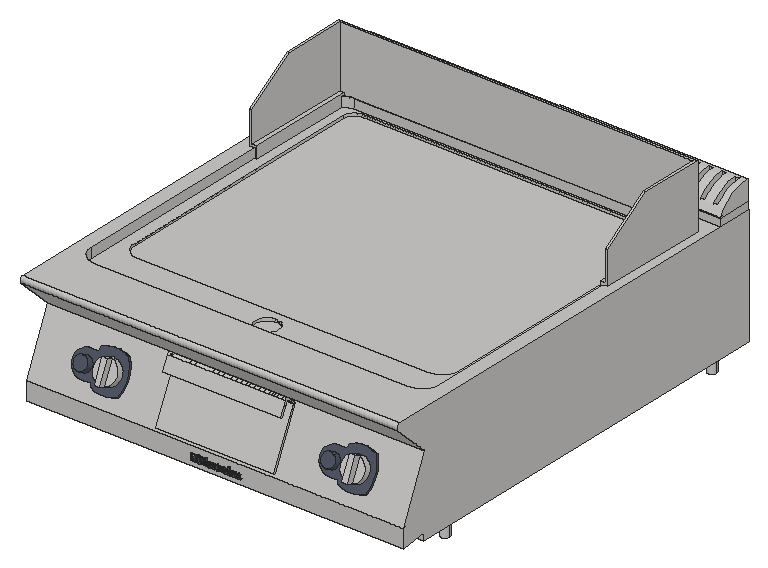
Revit family "QF_ELECTROLUXPROFESSIONAL_391590_E9IINTAOMEI", category Attrezzature speciali, Revit 2018
Family settings
  Quota connettore circolare = Usa diametro
  Tipo di parte = Normale
  Basato su piano di lavoro = No
  Sempre verticale = Sì
  Taglio con vuoti quando caricato = No
  Condiviso = No
  Punto di calcolo locali = No
Parameters (values of type "Standard")
  Weight = 105.00 kg
  Watts = 0 W
  Volts = 0 V
  URL Manufacturer = "https://www.electroluxprofessional.com/"
  URL = "https://www.electroluxprofessional.com/"
  Steam Supply Size = 0"
  Steam Supply Minimum Pressure = 0.00 psi
  Steam Supply Maximum Pressure = 0.00 psi
  Steam Consumption per Hour = 0
  Show Logo [instance] = yes
  Show Clearance [instance] = yes
  Refrigeration Suction Line Size = 0 mm
  Refrigeration Liquid Line Size = 0 mm
  Refrigerant Compressor Remote = yes
  Phase = 0
  Modello = "E9IINTAOMEI"
  Produttore = "Electrolux Professional"
  Length Actual = 800 mm  # constant formula
  Item Number = "391590"
  Hot Water Size = 0"
  Height Actual = 250 mm  # constant formula
  HP = "0 HP"
  Gas Size = 1/2"
  Gas KW = 20
  Gas Input Pressure = 0.672036 Btu/h
  Direct Waste Size = 0"
  Descrizione = "GAS FRY TOP SMOOTH HORIZONTAL 800MM-BRUSHED CHROME - QMARK"
  Depth Actual = 930 mm  # constant formula
  Cycle = 0 Hz
  Condensate Return Size = 0"
  Compressed Air Volume = 0 GPM
  Compressed Air Size = 0"
  Compressed Air Pressure = 0.00 psi
  Cold Water Size = 0"
  Base Height [instance] = 24 mm  # constant formula
  Accessory = yes
Values of the unnamed type that differ from the named types
  Weight = 0.00 kg
  URL Manufacturer = ""
  Item Number = ""
  HP = ""
  Gas KW = 0
  Gas Input Pressure = 0.0 Btu/h
Reference planes
  plane 1 "BACK": y = 0
  plane 2: z = 0
  plane 3 "LEFT": x = 0
  plane 4 "RIGHT": x = 800
  plane 5 "FRONT": y = -930
  plane 6 "TOP": z = 410
  plane 7 "Center Y": x = 400
  plane 8 "Center X": y = -465
  plane 9 "BASE": z = 24
  plane 10: y = -790
  plane 11: y = -82
  plane 12: x = 348
  plane 13: y = -1045
  plane 14: z = 275
  plane 15: y = -664
  plane 16: y = -346.873
Forms (mm)
  Extrusion 1, solid, material "QF_Clearances", visible <- "Show Clearance", detail levels coarse
    sketch origin (0, 0, 0) x (1, 0, 0) y (0, 1, 0)
      loop
        line (0, -930) -> (0, 0) -> (800.05, 0) -> (800.05, -930) -> (900.069, -930) -> (900.069, 100.019) -> (-100.019, 100.019) -> (-100.019, -930) -> (0, -930)
    from 0 to 410
  Extrusion 2, solid, material "QF_Finishes_Stainless Steel"
    sketch origin (0, 0, 0) x (0, 1, 0) y (0, 0, 1)
      loop
        line (0, 275) -> (-923.497, 275)
        arc (-923.497, 275) -> (-929.729, 270.836) -> (-928.267, 263.485) r 6.745
        line (-928.267, 263.485) -> (-856.416, 192.634) -> (-913.772, 70.59) -> (-913.772, 32.49) -> (-859.4, 38.1) -> (-859.4, 24) -> (0, 24) -> (0, 275)
    from 0 to 800
  Extrusion 3, void
    sketch origin (0, -202.381, 275.4) x (-1, 0, 0) y (0, -1, 0)
      loop
        arc (-55.4, -88.381) -> (-37.439, -80.942) -> (-30, -62.981) r 25.4
        line (-30, -62.981) -> (-30, 578.98)
        arc (-30, 578.98) -> (-40.99, 605.513) -> (-67.523, 616.504) r 37.523
        line (-67.523, 616.504) -> (-732.477, 616.504)
        arc (-732.477, 616.504) -> (-759.01, 605.513) -> (-770, 578.98) r 37.523
        line (-770, 578.98) -> (-770, -62.981)
        arc (-770, -62.981) -> (-762.561, -80.942) -> (-744.6, -88.381) r 25.4
        line (-744.6, -88.381) -> (-55.4, -88.381)
    from 0 to -20
  Extrusion 4, solid, material "QF_Finishes_Stainless Steel"
    sketch origin (0, -200, 0) x (1, 0, 0) y (0, 1, 0)
      loop
        circle (11.112, 118) r 9.525
      loop
        circle (11.112, -590) r 9.525
      loop
        circle (788.887, 118) r 9.525
      loop
        circle (788.888, -590) r 9.525
    from 0 to 24
  Extrusion 5, solid, material "QF_Finishes_Navy Blue - Electrolux", visible <- "Show Logo"
    sketch origin (0, -913.772, 32.49) x (0, 0, 1) y (-1, 0, 0)
      loop
        line (24.036, -359.438) -> (11.67, -359.438)
        arc (11.67, -359.438) -> (17.853, -364.009) -> (24.036, -359.438) r 6.467
      loop
        arc (24.036, -358.809) -> (22.867, -353.666) -> (18.212, -351.188) r 6.338
        line (18.212, -351.188) -> (18.212, -353.234)
        arc (18.212, -353.234) -> (19.695, -356.889) -> (23.141, -358.809) r 5.941
        line (23.141, -358.809) -> (24.036, -358.809)
      loop
        arc (12.565, -358.809) -> (16.011, -356.889) -> (17.495, -353.234) r 5.941
        line (17.495, -353.234) -> (17.495, -351.188)
        arc (17.495, -351.188) -> (12.8, -353.662) -> (11.511, -358.809) r 6.504
        line (11.511, -358.809) -> (12.565, -358.809)
      loop
        line (24.711, -350.719) -> (10.967, -350.719) -> (10.967, -364.482) -> (24.711, -364.482) -> (24.711, -350.719)
      loop
        arc (24.795, -367.449) -> (24.447, -367.092) -> (24.08, -367.43) r 0.358
        arc (24.08, -367.43) -> (23.766, -368.18) -> (23.049, -368.565) r 1.216
        line (23.049, -368.565) -> (12.637, -368.565)
        arc (12.637, -368.565) -> (11.977, -368.287) -> (11.581, -367.691) r 1.238
        arc (11.581, -367.691) -> (11.186, -367.44) -> (10.88, -367.794) r 0.358
        line (10.88, -367.794) -> (10.88, -377.673) -> (13.631, -377.673) -> (13.631, -376.776)
        arc (13.631, -376.776) -> (12.722, -376.196) -> (12.267, -375.219) r 1.928
        line (12.267, -375.219) -> (12.267, -372.719)
        arc (12.267, -372.719) -> (12.542, -371.991) -> (13.231, -371.627) r 1.101
        line (13.231, -371.627) -> (17.317, -371.627) -> (17.317, -375.3)
        arc (17.317, -375.3) -> (16.965, -375.797) -> (16.399, -376.025) r 1.083
        arc (16.399, -376.025) -> (16.136, -376.331) -> (16.428, -376.609) r 0.292
        line (16.428, -376.609) -> (19.39, -376.609)
        arc (19.39, -376.609) -> (19.693, -376.336) -> (19.454, -376.006) r 0.305
        arc (19.454, -376.006) -> (18.964, -375.758) -> (18.659, -375.3) r 1.083
        line (18.659, -375.3) -> (18.659, -371.627) -> (23.336, -371.627) -> (23.336, -375.374)
        arc (23.336, -375.374) -> (23.122, -376.13) -> (22.515, -376.628) r 1.314
        arc (22.515, -376.628) -> (22.296, -377.032) -> (22.651, -377.324) r 0.361
        line (22.651, -377.324) -> (24.795, -377.324) -> (24.795, -367.449)
      loop
        arc (24.078, -378.105) -> (23.697, -379.023) -> (22.779, -379.404) r 1.299
        line (22.779, -379.404) -> (13.2, -379.404)
        arc (13.2, -379.404) -> (12.362, -379.026) -> (12.09, -378.148) r 1.118
        line (12.09, -378.148) -> (10.88, -378.148) -> (10.88, -383.498) -> (12.069, -383.498)
        arc (12.069, -383.498) -> (12.34, -382.581) -> (13.21, -382.185) r 1.153
        line (13.21, -382.185) -> (25.283, -382.185) -> (24.078, -378.105)
      loop
        line (15.845, -386.134) -> (15.845, -392.581) -> (16.644, -392.581)
        arc (16.644, -392.581) -> (19.225, -391.597) -> (20.493, -389.143) r 3.874
        line (20.493, -389.143) -> (20.493, -387.383)
        arc (20.493, -387.383) -> (19.307, -384.518) -> (16.442, -383.332) r 4.051
        line (16.442, -383.332) -> (14.434, -383.332)
        arc (14.434, -383.332) -> (11.616, -384.816) -> (10.564, -387.824) r 4.352
        arc (10.564, -387.824) -> (10.928, -390.287) -> (12.306, -392.361) r 5.713
        line (12.306, -392.361) -> (13.255, -392.361)
        arc (13.255, -392.361) -> (12.522, -390.792) -> (12.306, -389.074) r 5.579
        arc (12.306, -389.074) -> (13.1, -387.111) -> (14.979, -386.134) r 3.057
        line (14.979, -386.134) -> (15.845, -386.134)
      loop
        line (17.104, -386.134) -> (17.104, -389.716)
        arc (17.104, -389.716) -> (18.561, -389.763) -> (19.444, -388.604) r 1.59
        line (19.444, -388.604) -> (19.444, -387.774)
        arc (19.444, -387.774) -> (18.58, -386.519) -> (17.104, -386.134) r 2.184
      loop
        arc (19.895, -401.999) -> (20.384, -400.325) -> (20.542, -398.588) r 9.023
        line (20.542, -398.588) -> (20.542, -397.225)
        arc (20.542, -397.225) -> (19.382, -394.426) -> (16.583, -393.266) r 3.959
        line (16.583, -393.266) -> (13.982, -393.266)
        arc (13.982, -393.266) -> (11.701, -394.559) -> (10.583, -396.932) r 4.331
        line (10.583, -396.932) -> (10.583, -399.067)
        arc (10.583, -399.067) -> (11.092, -400.617) -> (12.013, -401.963) r 5.772
        arc (12.013, -401.963) -> (12.775, -402.014) -> (12.861, -401.255) r 0.553
        arc (12.861, -401.255) -> (12.474, -400.521) -> (12.34, -399.702) r 2.573
        line (12.34, -399.702) -> (12.34, -398.187)
        arc (12.34, -398.187) -> (13.346, -396.545) -> (15.16, -395.903) r 2.884
        line (15.16, -395.903) -> (16.439, -395.903)
        arc (16.439, -395.903) -> (18.26, -396.463) -> (19.187, -398.128) r 2.554
        line (19.187, -398.128) -> (19.187, -399.181)
        arc (19.187, -399.181) -> (18.855, -400.109) -> (18.198, -400.844) r 2.564
        arc (18.198, -400.844) -> (17.977, -401.561) -> (18.586, -401.999) r 0.643
        line (18.586, -401.999) -> (19.895, -401.999)
      loop
        line (18.877, -402.269) -> (18.877, -403.77) -> (12.829, -403.77)
        arc (12.829, -403.77) -> (11.241, -404.428) -> (10.583, -406.016) r 2.246
        line (10.583, -406.016) -> (10.583, -407.6)
        arc (10.583, -407.6) -> (10.897, -408.464) -> (11.398, -409.236) r 4.06
        arc (11.398, -409.236) -> (12.13, -409.369) -> (12.382, -408.668) r 0.576
        arc (12.382, -408.668) -> (12.276, -408.142) -> (12.34, -407.61) r 1.69
        arc (12.34, -407.61) -> (12.881, -406.822) -> (13.788, -406.519) r 1.506
        line (13.788, -406.519) -> (18.926, -406.519) -> (18.926, -408.916) -> (19.482, -409.472) -> (20.304, -409.472) -> (20.304, -406.612) -> (23.535, -406.612) -> (18.877, -402.269)
      loop
        line (10.801, -410.37) -> (10.801, -415.757) -> (11.911, -415.757)
        arc (11.911, -415.757) -> (12.305, -414.806) -> (13.256, -414.412) r 1.345
        line (13.256, -414.412) -> (16.872, -414.412)
        arc (16.872, -414.412) -> (17.637, -415.003) -> (17.926, -415.926) r 1.615
        line (17.926, -415.926) -> (17.926, -417.482) -> (20.482, -418.167) -> (20.482, -416.784) -> (18.539, -414.225) -> (20.42, -414.225) -> (20.135, -411.519)
        arc (20.135, -411.519) -> (19.696, -410.989) -> (19.037, -411.19) r 0.621
        arc (19.037, -411.19) -> (18.636, -411.532) -> (18.142, -411.715) r 1.501
        line (18.142, -411.715) -> (13.256, -411.715)
        arc (13.256, -411.715) -> (12.305, -411.321) -> (11.911, -410.37) r 1.345
        line (11.911, -410.37) -> (10.801, -410.37)
      loop
        line (16.903, -417.704) -> (14.21, -417.704)
        arc (14.21, -417.704) -> (11.765, -419.012) -> (10.631, -421.542) r 4.288
        arc (10.631, -421.542) -> (10.568, -422.923) -> (10.631, -424.303) r 15.022
        arc (10.631, -424.303) -> (11.765, -426.833) -> (14.21, -428.141) r 4.288
        line (14.21, -428.141) -> (16.903, -428.141)
        arc (16.903, -428.141) -> (19.348, -426.833) -> (20.482, -424.303) r 4.288
        arc (20.482, -424.303) -> (20.546, -422.923) -> (20.482, -421.542) r 15.022
        arc (20.482, -421.542) -> (19.348, -419.012) -> (16.903, -417.704) r 4.288
      loop
        line (17.107, -420.818) -> (14.006, -420.818)
        arc (14.006, -420.818) -> (11.849, -422.975) -> (14.006, -425.132) r 2.157
        line (14.006, -425.132) -> (17.107, -425.132)
        arc (17.107, -425.132) -> (19.264, -422.975) -> (17.107, -420.818) r 2.157
      loop
        arc (24.088, -427.999) -> (23.718, -428.893) -> (22.824, -429.264) r 1.264
        line (22.824, -429.264) -> (12.959, -429.264)
        arc (12.959, -429.264) -> (12.089, -428.867) -> (11.818, -427.951) r 1.153
        line (11.818, -427.951) -> (10.88, -427.951) -> (10.88, -433.059) -> (11.809, -433.059)
        arc (11.809, -433.059) -> (12.168, -432.287) -> (12.959, -431.972) r 1.153
        line (12.959, -431.972) -> (25.283, -431.972) -> (24.088, -427.999)
      loop
        arc (19.208, -432.596) -> (19.009, -433.661) -> (18.04, -434.143) r 1.215
        line (18.04, -434.143) -> (13.02, -434.143)
        arc (13.02, -434.143) -> (11.406, -434.79) -> (10.685, -436.373) r 2.338
        line (10.685, -436.373) -> (10.685, -437.888)
        arc (10.685, -437.888) -> (10.859, -438.892) -> (11.362, -439.778) r 2.979
        line (11.362, -439.778) -> (10.88, -441.574) -> (10.88, -443.263) -> (20.306, -443.263) -> (20.012, -439.06) -> (19.225, -439.06)
        arc (19.225, -439.06) -> (18.87, -439.896) -> (18.117, -440.405) r 1.605
        line (18.117, -440.405) -> (13.015, -440.405)
        arc (13.015, -440.405) -> (12.594, -439.468) -> (12.522, -438.444) r 2.94
        arc (12.522, -438.444) -> (13.082, -437.343) -> (14.236, -436.9) r 1.724
        line (14.236, -436.9) -> (20.432, -436.9) -> (19.208, -432.596)
      loop
        line (20.237, -444.117) -> (18.564, -446.163) -> (15.391, -448.469) -> (11.934, -445.357)
        arc (11.934, -445.357) -> (11.697, -444.963) -> (11.719, -444.504) r 0.789
        line (11.719, -444.504) -> (10.88, -444.504) -> (10.88, -448.049) -> (11.707, -448.049)
        arc (11.707, -448.049) -> (12.049, -447.687) -> (12.539, -447.779) r 0.52
        line (12.539, -447.779) -> (14.339, -449.25) -> (12.22, -450.625)
        arc (12.22, -450.625) -> (11.819, -450.315) -> (11.733, -449.816) r 0.7
        line (11.733, -449.816) -> (10.88, -449.816) -> (10.88, -455.743) -> (11.767, -455.743)
        arc (11.767, -455.743) -> (11.834, -455.084) -> (12.229, -454.552) r 1.247
        line (12.229, -454.552) -> (16.428, -451.271) -> (18.876, -453.325) -> (20.237, -455.067) -> (20.237, -451.343) -> (18.752, -451.766) -> (17.23, -450.489) -> (18.93, -449.299) -> (20.237, -450.075) -> (20.237, -444.117)
    from 0 to 1.644
  Extrusion 6, solid, material "QF_Finishes_Stainless Steel"
    sketch origin (400, 175.397, 1219.2) x (0, 1, 0) y (0, 0, 1)
      loop
        line (-1034.547, -1030.322) -> (-1050.635, -1014.234)
        arc (-1050.635, -1014.234) -> (-1055.102, -1012.832) -> (-1058.806, -1015.696) r 5.058
        line (-1058.806, -1015.696) -> (-1071.468, -1043.206) -> (-1068.584, -1044.534) -> (-1055.922, -1017.024)
        arc (-1055.922, -1017.024) -> (-1054.543, -1015.957) -> (-1052.88, -1016.479) r 1.883
        line (-1052.88, -1016.479) -> (-1038.037, -1031.322) -> (-1088.871, -1141.767) -> (-1086.511, -1142.854) -> (-1034.547, -1030.322)
    from -125 to 125
  Extrusion 7, solid, material "QF_Door-Drawer Clearances", visible <- "Show Clearance", detail levels coarse
    sketch origin (0, -301.6, 0) x (0, 1, 0) y (0, 0, 1)
      loop
        line (-576.323, 206.368) -> (-709.631, 206.368)
        arc (-709.631, 206.368) -> (-711.835, 205.39) -> (-713.335, 203.504) r 5.058
        line (-713.335, 203.504) -> (-725.997, 175.994) -> (-723.113, 174.666) -> (-710.451, 202.176)
        arc (-710.451, 202.176) -> (-709.072, 203.243) -> (-707.409, 202.721) r 1.883
        line (-707.409, 202.721) -> (-692.566, 187.878) -> (-743.4, 77.433) -> (-740.516, 76.105) -> (-609.625, 76.105) -> (-557.55, 188.878) -> (-573.638, 204.966)
        arc (-573.638, 204.966) -> (-574.873, 205.873) -> (-576.323, 206.368) r 5.058
    from 275 to 525
  Extrusion 8, solid, material "QF_Finishes_Stainless Steel"
    sketch origin (0, 0, 24) x (-1, 0, 0) y (0, 1, 0)
      loop
        circle (-748, -664) r 6.4
    from 0 to 18
  Extrusion 9, solid, material "QF_Finishes_Stainless Steel"
    sketch origin (0, 0, 0) x (0, -1, 0) y (0, 0, 1)
      loop
        line (74.012, 275) -> (74.012, 290) -> (0, 290) -> (0, 275) -> (74.012, 275)
    from 0 to -400.05
  Extrusion 10, solid, material "QF_Finishes_Stainless Steel"
    sketch origin (0, 0, 0) x (0, 1, 0) y (0, 0, 1)
      loop
        line (0, 290) -> (0, 332.913)
        arc (0, 332.913) -> (-42.275, 322.697) -> (-74.012, 292.959) r 85.267
        line (-74.012, 292.959) -> (-74.012, 290) -> (0, 290)
    from 0 to 400
  Extrusion 11, void
    sketch origin (0, 0, 273.238) x (-1, 0, 0) y (0, -1, 0)
      loop
        line (-13.453, 6.761) -> (-13.453, 62.911) -> (-22.749, 62.911) -> (-22.749, 6.761) -> (-13.453, 6.761)
    from 25.4 to 63.5
  Extrusion 12, void
    sketch origin (400.05, 0, 273.238) x (1, 0, 0) y (0, 1, 0)
      loop
        line (-13.503, -6.761) -> (-22.799, -6.761) -> (-22.799, -62.911) -> (-13.503, -62.911) -> (-13.503, -6.761)
    from 25.4 to 63.5
  Extrusion 13, void
    sketch origin (27.988, 0, 273.238) x (-1, 0, 0) y (0, -1, 0)
      loop
        line (-13.453, 6.761) -> (-13.453, 62.911) -> (-22.749, 62.911) -> (-22.749, 6.761) -> (-13.453, 6.761)
    from 25.4 to 63.5
  Extrusion 14, void
    sketch origin (55.977, 0, 273.238) x (-1, 0, 0) y (0, -1, 0)
      loop
        line (-13.453, 6.761) -> (-13.453, 62.911) -> (-22.749, 62.911) -> (-22.749, 6.761) -> (-13.453, 6.761)
    from 25.4 to 63.5
  Extrusion 15, void
    sketch origin (83.965, 0, 273.238) x (-1, 0, 0) y (0, -1, 0)
      loop
        line (-13.428, 6.761) -> (-13.428, 62.911) -> (-22.724, 62.911) -> (-22.724, 6.761) -> (-13.428, 6.761)
    from 25.4 to 63.5
  Extrusion 16, void
    sketch origin (111.953, 0, 273.238) x (-1, 0, 0) y (0, -1, 0)
      loop
        line (-13.428, 6.761) -> (-13.428, 62.911) -> (-22.724, 62.911) -> (-22.724, 6.761) -> (-13.428, 6.761)
    from 25.4 to 63.5
  Extrusion 17, void
    sketch origin (139.942, 0, 273.238) x (-1, 0, 0) y (0, -1, 0)
      loop
        line (-13.428, 6.761) -> (-13.428, 62.911) -> (-22.724, 62.911) -> (-22.724, 6.761) -> (-13.428, 6.761)
    from 25.4 to 63.5
  Extrusion 18, void
    sketch origin (167.93, 0, 273.238) x (-1, 0, 0) y (0, -1, 0)
      loop
        line (-13.428, 6.761) -> (-13.428, 62.911) -> (-22.724, 62.911) -> (-22.724, 6.761) -> (-13.428, 6.761)
    from 25.4 to 63.5
  Extrusion 19, void
    sketch origin (307.872, 0, 273.238) x (-1, 0, 0) y (0, -1, 0)
      loop
        line (-13.403, 6.761) -> (-13.403, 62.911) -> (-22.699, 62.911) -> (-22.699, 6.761) -> (-13.403, 6.761)
    from 25.4 to 63.5
  Extrusion 20, void
    sketch origin (335.86, 0, 273.238) x (-1, 0, 0) y (0, -1, 0)
      loop
        line (-13.403, 6.761) -> (-13.403, 62.911) -> (-22.699, 62.911) -> (-22.699, 6.761) -> (-13.403, 6.761)
    from 25.4 to 63.5
  Extrusion 21, void
    sketch origin (228.013, 0, 273.238) x (-1, 0, 0) y (0, -1, 0)
      loop
        line (-13.428, 6.761) -> (-13.428, 62.911) -> (-22.724, 62.911) -> (-22.724, 6.761) -> (-13.428, 6.761)
    from 25.4 to 63.5
  Extrusion 22, void
    sketch origin (256.002, 0, 273.238) x (-1, 0, 0) y (0, -1, 0)
      loop
        line (-13.428, 6.761) -> (-13.428, 62.911) -> (-22.724, 62.911) -> (-22.724, 6.761) -> (-13.428, 6.761)
    from 25.4 to 63.5
  Extrusion 23, void
    sketch origin (283.99, 0, 273.238) x (-1, 0, 0) y (0, -1, 0)
      loop
        line (-13.403, 6.761) -> (-13.403, 62.911) -> (-22.699, 62.911) -> (-22.699, 6.761) -> (-13.403, 6.761)
    from 25.4 to 63.5
  Extrusion 24, void
    sketch origin (200.025, 0, 273.238) x (-1, 0, 0) y (0, -1, 0)
      loop
        line (-13.428, 6.761) -> (-13.428, 62.911) -> (-22.724, 62.911) -> (-22.724, 6.761) -> (-13.428, 6.761)
    from 25.4 to 63.5
  Extrusion 25, void
    sketch origin (0, -202.381, 255.4) x (0, -1, 0) y (-1, 0, 0)
      loop
        arc (-57.619, -55) -> (-75.579, -62.439) -> (-83.019, -80.4) r 25.4
        line (-83.019, -80.4) -> (-83.019, -719.6)
        arc (-83.019, -719.6) -> (-75.579, -737.561) -> (-57.619, -745) r 25.4
        line (-57.619, -745) -> (493.98, -745)
        arc (493.98, -745) -> (520.513, -734.01) -> (531.504, -707.477) r 37.523
        line (531.504, -707.477) -> (531.504, -92.523)
        arc (531.504, -92.523) -> (520.513, -65.99) -> (493.98, -55) r 37.523
        line (493.98, -55) -> (-57.619, -55)
      loop
        circle (572.619, -400) r 25
    from 0 to 5
  Extrusion 26, void
    sketch origin (785, 0, 275) x (0, 0, -1) y (0, -1, 0)
      loop
        line (-70, 346.873) -> (-135, 346.873) -> (-135, 246.781) -> (-70, 346.873)
    from 0 to 12.7
  Extrusion 27, void
    sketch origin (25, 0, 292.959) x (0, 0, -1) y (0, -1, 0)
      loop
        line (-52.041, 346.873) -> (-117.041, 346.873) -> (-117.041, 246.781) -> (-52.041, 346.873)
    from 0 to 12.7
  Extrusion 28, solid, material "QF_Finishes_Stainless Steel"
    sketch origin (0, -110, 275) x (0, 0, -1) y (-1, 0, 0)
      loop
        line (-135, -20) -> (-135, -780) -> (0, -780) -> (0, -20) -> (-135, -20)
    from 0 to -5
  Extrusion 29, solid, material "QF_Finishes_Stainless Steel"
    sketch origin (800, 0, 0) x (0, -1, 0) y (0, 0, -1)
      loop
        line (74.012, -275) -> (0, -275) -> (0, -290) -> (74.012, -290) -> (74.012, -275)
    from 0 to -400.05
  Extrusion 30, solid, material "QF_Finishes_Stainless Steel"
    sketch origin (800, 0, 0) x (0, 1, 0) y (0, 0, -1)
      loop
        line (0, -290) -> (-74.012, -290) -> (-74.012, -292.959)
        arc (-74.012, -292.959) -> (-42.486, -323.301) -> (0, -333.762) r 84.334
        line (0, -333.762) -> (0, -290)
    from 0 to 400
  Extrusion 31, void
    sketch origin (800, 0, 273.238) x (1, 0, 0) y (0, 1, 0)
      loop
        line (-13.453, -6.761) -> (-22.749, -6.761) -> (-22.749, -62.911) -> (-13.453, -62.911) -> (-13.453, -6.761)
    from 25.4 to 63.5
  Extrusion 32, void
    sketch origin (399.95, 0, 273.238) x (-1, 0, 0) y (0, -1, 0)
      loop
        line (-13.503, 6.761) -> (-13.503, 62.911) -> (-22.799, 62.911) -> (-22.799, 6.761) -> (-13.503, 6.761)
    from 25.4 to 63.5
  Extrusion 33, void
    sketch origin (772.012, 0, 273.238) x (1, 0, 0) y (0, 1, 0)
      loop
        line (-13.453, -6.761) -> (-22.749, -6.761) -> (-22.749, -62.911) -> (-13.453, -62.911) -> (-13.453, -6.761)
    from 25.4 to 63.5
  Extrusion 34, void
    sketch origin (744.023, 0, 273.238) x (1, 0, 0) y (0, 1, 0)
      loop
        line (-13.453, -6.761) -> (-22.749, -6.761) -> (-22.749, -62.911) -> (-13.453, -62.911) -> (-13.453, -6.761)
    from 25.4 to 63.5
  Extrusion 35, void
    sketch origin (716.035, 0, 273.238) x (1, 0, 0) y (0, 1, 0)
      loop
        line (-13.428, -6.761) -> (-22.724, -6.761) -> (-22.724, -62.911) -> (-13.428, -62.911) -> (-13.428, -6.761)
    from 25.4 to 63.5
  Extrusion 36, void
    sketch origin (688.047, 0, 273.238) x (1, 0, 0) y (0, 1, 0)
      loop
        line (-13.428, -6.761) -> (-22.724, -6.761) -> (-22.724, -62.911) -> (-13.428, -62.911) -> (-13.428, -6.761)
    from 25.4 to 63.5
  Extrusion 37, void
    sketch origin (660.058, 0, 273.238) x (1, 0, 0) y (0, 1, 0)
      loop
        line (-13.428, -6.761) -> (-22.724, -6.761) -> (-22.724, -62.911) -> (-13.428, -62.911) -> (-13.428, -6.761)
    from 25.4 to 63.5
  Extrusion 38, void
    sketch origin (632.07, 0, 273.238) x (1, 0, 0) y (0, 1, 0)
      loop
        line (-13.428, -6.761) -> (-22.724, -6.761) -> (-22.724, -62.911) -> (-13.428, -62.911) -> (-13.428, -6.761)
    from 25.4 to 63.5
  Extrusion 39, void
    sketch origin (492.128, 0, 273.238) x (1, 0, 0) y (0, 1, 0)
      loop
        line (-13.403, -6.761) -> (-22.699, -6.761) -> (-22.699, -62.911) -> (-13.403, -62.911) -> (-13.403, -6.761)
    from 25.4 to 63.5
  Extrusion 40, void
    sketch origin (464.14, 0, 273.238) x (1, 0, 0) y (0, 1, 0)
      loop
        line (-13.403, -6.761) -> (-22.699, -6.761) -> (-22.699, -62.911) -> (-13.403, -62.911) -> (-13.403, -6.761)
    from 25.4 to 63.5
  Extrusion 41, void
    sketch origin (571.987, 0, 273.238) x (1, 0, 0) y (0, 1, 0)
      loop
        line (-13.428, -6.761) -> (-22.724, -6.761) -> (-22.724, -62.911) -> (-13.428, -62.911) -> (-13.428, -6.761)
    from 25.4 to 63.5
  Extrusion 42, void
    sketch origin (543.998, 0, 273.238) x (1, 0, 0) y (0, 1, 0)
      loop
        line (-13.428, -6.761) -> (-22.724, -6.761) -> (-22.724, -62.911) -> (-13.428, -62.911) -> (-13.428, -6.761)
    from 25.4 to 63.5
  Extrusion 43, void
    sketch origin (516.01, 0, 273.238) x (1, 0, 0) y (0, 1, 0)
      loop
        line (-13.403, -6.761) -> (-22.699, -6.761) -> (-22.699, -62.911) -> (-13.403, -62.911) -> (-13.403, -6.761)
    from 25.4 to 63.5
  Extrusion 44, void
    sketch origin (599.975, 0, 273.238) x (1, 0, 0) y (0, 1, 0)
      loop
        line (-13.428, -6.761) -> (-22.724, -6.761) -> (-22.724, -62.911) -> (-13.428, -62.911) -> (-13.428, -6.761)
    from 25.4 to 63.5
  Extrusion 45, solid, material "QF_Finishes_Navy Blue - Electrolux"
    sketch origin (520.456, -913.772, 69.19) x (0, 0.419232, 0.907879) y (-1, 0, 0)
      loop
        arc (102.26, -132.62) -> (97.637, -130.762) -> (92.92, -129.161) r 90.355
        arc (92.92, -129.161) -> (93.04, -117.639) -> (92.027, -106.161) r 117.12
        arc (92.027, -106.161) -> (66.337, -82.611) -> (38.409, -103.459) r 27.322
        arc (38.409, -103.459) -> (36.611, -116.6) -> (37.509, -129.833) r 65.199
        arc (37.509, -129.833) -> (34.4, -130.94) -> (31.333, -132.16) r 90.355
        arc (31.333, -132.16) -> (24.504, -161.269) -> (31.333, -190.378) r 65.456
        arc (31.333, -190.378) -> (66.877, -199.452) -> (102.26, -189.765) r 71.728
        arc (102.26, -189.765) -> (108.852, -161.193) -> (102.26, -132.62) r 65.22
      loop
        arc (102.26, 392.38) -> (97.637, 394.238) -> (92.92, 395.839) r 90.355
        arc (92.92, 395.839) -> (93.04, 407.361) -> (92.027, 418.839) r 117.12
        arc (92.027, 418.839) -> (66.337, 442.389) -> (38.409, 421.541) r 27.322
        arc (38.409, 421.541) -> (36.611, 408.4) -> (37.509, 395.167) r 65.199
        arc (37.509, 395.167) -> (34.4, 394.06) -> (31.333, 392.84) r 90.355
        arc (31.333, 392.84) -> (24.504, 363.731) -> (31.333, 334.622) r 65.456
        arc (31.333, 334.622) -> (66.877, 325.548) -> (102.26, 335.235) r 71.728
        arc (102.26, 335.235) -> (108.852, 363.807) -> (102.26, 392.38) r 65.22
    from 0 to 3.175
  Extrusion 46, solid, material "QF_Finishes_Stainless Steel"
    sketch origin (520.456, -917.486, 68.721) x (0, 0.419232, 0.907879) y (-1, 0, 0)
      loop
        circle (68.826, -160.963) r 25.4
      loop
        circle (68.826, 364.037) r 25.4
    from 0 to 12.7
  Extrusion 47, solid, material "QF_Finishes_Stainless Steel"
    sketch origin (520.456, -929.016, 74.045) x (0, 0.419232, 0.907879) y (-1, 0, 0)
      loop
        arc (93.558, -166.749) -> (94.226, -160.963) -> (93.558, -155.177) r 25.4
        line (93.558, -155.177) -> (44.094, -155.177)
        arc (44.094, -155.177) -> (43.426, -160.963) -> (44.094, -166.749) r 25.4
        line (44.094, -166.749) -> (93.558, -166.749)
      loop
        arc (93.558, 358.251) -> (94.226, 364.037) -> (93.558, 369.823) r 25.4
        line (93.558, 369.823) -> (44.094, 369.823)
        arc (44.094, 369.823) -> (43.426, 364.037) -> (44.094, 358.251) r 25.4
        line (44.094, 358.251) -> (93.558, 358.251)
    from 0 to 12.7
  Extrusion 48, solid, material "QF_Finishes_Navy Blue - Electrolux"
    sketch origin (520.456, -916.655, 70.521) x (0, 0.419232, 0.907879) y (-1, 0, 0)
      loop
        circle (65.09, -109.237) r 15
      loop
        circle (65.09, 415.763) r 15
    from 0 to 12.7
  Extrusion 49, solid, material "QF_Finishes_Stainless Steel"
    sketch origin (0, 0, 275) x (0, 0, -1) y (-1, 0, 0)
      loop
        line (19.6, -30) -> (0, -30) -> (0, -20) -> (-135, -20) -> (-135, -25) -> (-5, -25) -> (-5, -35) -> (19.6, -35) -> (19.6, -30)
      loop
        line (19.6, -770) -> (19.6, -765) -> (-5, -765) -> (-5, -775) -> (-135, -775) -> (-135, -780) -> (0, -780) -> (0, -770) -> (19.6, -770)
    from -110 to -346.873
Cuts and joins
  Extrusion 3, Extrusion 25 cuts Extrusion 2
  Extrusion 3 cuts Extrusion 28
  Extrusion 26, Extrusion 27 cuts Extrusion 49
  joined: Extrusion 2, Extrusion 28, Extrusion 49
  Extrusion 11, Extrusion 12, Extrusion 13, Extrusion 14, Extrusion 15, Extrusion 16, Extrusion 17, Extrusion 18, Extrusion 19, Extrusion 20, Extrusion 21, Extrusion 22, Extrusion 23, Extrusion 24, Extrusion 31, Extrusion 32, Extrusion 33, Extrusion 34, Extrusion 35, Extrusion 36, Extrusion 37, Extrusion 38, Extrusion 39, Extrusion 40, Extrusion 41, Extrusion 42, Extrusion 43, Extrusion 44 cuts Extrusion 10
  Extrusion 31, Extrusion 32, Extrusion 33, Extrusion 34, Extrusion 35, Extrusion 36, Extrusion 37, Extrusion 38, Extrusion 39, Extrusion 40, Extrusion 41, Extrusion 42, Extrusion 43, Extrusion 44 cuts Extrusion 30
Lines and regions (mm)
  Split face 1
    outline origin (520.456, -928.185, 75.846) x (0, 0.419232, 0.907879) y (-1, 0, 0)
      loop
        line (78.679, -108.296) -> (67.103, -108.296) -> (67.103, -110.296) -> (78.679, -110.296) -> (78.679, -108.296)
  Split face 2
    outline origin (520.456, -928.185, 75.846) x (0, 0.419232, 0.907879) y (-1, 0, 0)
      loop
        line (78.679, 414.704) -> (78.679, 416.704) -> (67.103, 416.704) -> (67.103, 414.704) -> (78.679, 414.704)
  symbolic lines, style "QF_Clearances", visible <- "Show Clearance", detail levels coarse
    curve 1: line (-100.019, 100.019, 276.225) -> (-100.019, -930, 276.225)
    curve 2: line (900.069, 100.019, 276.225) -> (-100.019, 100.019, 276.225)
    curve 3: line (900.069, -930, 276.225) -> (900.069, 100.019, 276.225)
  symbolic lines
    curve 4: line (0, -74.012, 276.225) -> (800.05, -74.012, 276.225)
    curve 5: line (0, -930.25, 276.225) -> (0, 0, 276.225)
    curve 6: line (800.05, 0, 276.225) -> (800.05, -930.25, 276.225)
    curve 7: line (30, -346.873, 276.225) -> (30, -781.362, 276.225)
    curve 8: arc (30, -781.362, 276.225) -> (40.99, -807.895, 276.225) -> (67.523, -818.885, 276.225) r 37.523
    curve 9: arc (732.477, -818.885, 276.225) -> (759.01, -807.895, 276.225) -> (770, -781.362, 276.225) r 37.523
    curve 10: line (770, -781.362, 276.225) -> (770, -346.873, 276.225)
    curve 11: line (800.05, -930.25, 276.225) -> (0, -930.25, 276.225)
    curve 12: line (67.523, -818.885, 276.225) -> (732.477, -818.885, 276.225)
    curve 16: line (0, 0, 276.225) -> (800.05, 0, 276.225)
    curve 17: line (22.749, -6.761, 276.225) -> (22.749, -62.911, 276.225)
    curve 18: line (22.749, -62.911, 276.225) -> (13.453, -62.911, 276.225)
    curve 19: line (13.453, -62.911, 276.225) -> (13.453, -6.761, 276.225)
    curve 20: line (13.453, -6.761, 276.225) -> (22.749, -6.761, 276.225)
    curve 21: line (50.737, -6.761, 276.225) -> (50.737, -62.911, 276.225)
    curve 22: line (50.737, -62.911, 276.225) -> (41.441, -62.911, 276.225)
    curve 23: line (41.441, -62.911, 276.225) -> (41.441, -6.761, 276.225)
    curve 24: line (41.441, -6.761, 276.225) -> (50.737, -6.761, 276.225)
    curve 25: line (78.725, -6.761, 276.225) -> (78.725, -62.911, 276.225)
    curve 26: line (78.725, -62.911, 276.225) -> (69.43, -62.911, 276.225)
    curve 27: line (69.43, -62.911, 276.225) -> (69.43, -6.761, 276.225)
    curve 28: line (69.43, -6.761, 276.225) -> (78.725, -6.761, 276.225)
    curve 29: line (106.689, -6.761, 276.225) -> (106.689, -62.911, 276.225)
    curve 30: line (106.689, -62.911, 276.225) -> (97.393, -62.911, 276.225)
    curve 31: line (97.393, -62.911, 276.225) -> (97.393, -6.761, 276.225)
    curve 32: line (97.393, -6.761, 276.225) -> (106.689, -6.761, 276.225)
    curve 33: line (134.677, -6.761, 276.225) -> (134.677, -62.911, 276.225)
    curve 34: line (134.677, -62.911, 276.225) -> (125.381, -62.911, 276.225)
    curve 35: line (125.381, -62.911, 276.225) -> (125.381, -6.761, 276.225)
    curve 36: line (125.381, -6.761, 276.225) -> (134.677, -6.761, 276.225)
    curve 37: line (162.665, -6.761, 276.225) -> (162.665, -62.911, 276.225)
    curve 38: line (162.665, -62.911, 276.225) -> (153.37, -62.911, 276.225)
    curve 39: line (153.37, -62.911, 276.225) -> (153.37, -6.761, 276.225)
    curve 40: line (153.37, -6.761, 276.225) -> (162.665, -6.761, 276.225)
    curve 41: line (190.654, -6.761, 276.225) -> (190.654, -62.911, 276.225)
    curve 42: line (190.654, -62.911, 276.225) -> (181.358, -62.911, 276.225)
    curve 43: line (181.358, -62.911, 276.225) -> (181.358, -6.761, 276.225)
    curve 44: line (181.358, -6.761, 276.225) -> (190.654, -6.761, 276.225)
    curve 45: line (222.749, -6.761, 276.225) -> (222.749, -62.911, 276.225)
    curve 46: line (222.749, -62.911, 276.225) -> (213.453, -62.911, 276.225)
    curve 47: line (213.453, -62.911, 276.225) -> (213.453, -6.761, 276.225)
    curve 48: line (213.453, -6.761, 276.225) -> (222.749, -6.761, 276.225)
    curve 49: line (250.737, -6.761, 276.225) -> (250.737, -62.911, 276.225)
    curve 50: line (250.737, -62.911, 276.225) -> (241.441, -62.911, 276.225)
    curve 51: line (241.441, -62.911, 276.225) -> (241.441, -6.761, 276.225)
    curve 52: line (241.441, -6.761, 276.225) -> (250.737, -6.761, 276.225)
    curve 53: line (278.725, -6.761, 276.225) -> (278.725, -62.911, 276.225)
    curve 54: line (278.725, -62.911, 276.225) -> (269.43, -62.911, 276.225)
    curve 55: line (269.43, -62.911, 276.225) -> (269.43, -6.761, 276.225)
    curve 56: line (269.43, -6.761, 276.225) -> (278.725, -6.761, 276.225)
    curve 57: line (306.689, -6.761, 276.225) -> (306.689, -62.911, 276.225)
    curve 58: line (306.689, -62.911, 276.225) -> (297.393, -62.911, 276.225)
    curve 59: line (297.393, -62.911, 276.225) -> (297.393, -6.761, 276.225)
    curve 60: line (297.393, -6.761, 276.225) -> (306.689, -6.761, 276.225)
    curve 61: line (330.57, -6.761, 276.225) -> (330.57, -62.911, 276.225)
    curve 62: line (330.57, -62.911, 276.225) -> (321.275, -62.911, 276.225)
    curve 63: line (321.275, -62.911, 276.225) -> (321.275, -6.761, 276.225)
    curve 64: line (321.275, -6.761, 276.225) -> (330.57, -6.761, 276.225)
    curve 65: line (358.559, -6.761, 276.225) -> (358.559, -62.911, 276.225)
    curve 66: line (358.559, -62.911, 276.225) -> (349.263, -62.911, 276.225)
    curve 67: line (349.263, -62.911, 276.225) -> (349.263, -6.761, 276.225)
    curve 68: line (349.263, -6.761, 276.225) -> (358.559, -6.761, 276.225)
    curve 69: line (386.547, -6.761, 276.225) -> (386.547, -62.911, 276.225)
    curve 70: line (386.547, -62.911, 276.225) -> (377.251, -62.911, 276.225)
    curve 71: line (377.251, -62.911, 276.225) -> (377.251, -6.761, 276.225)
    curve 72: line (377.251, -6.761, 276.225) -> (386.547, -6.761, 276.225)
    curve 73: line (20, -109, 276.225) -> (20, -346.873, 276.225)
    curve 74: line (785, -109, 276.225) -> (20, -109, 276.225)
    curve 75: line (785, -346.873, 276.225) -> (785, -109, 276.225)
    curve 76: line (20, -346.873, 276.225) -> (35, -346.873, 276.225)
    curve 77: line (765, -346.873, 276.225) -> (785, -346.873, 276.225)
    curve 78: arc (55, -144.762, 276.225) -> (62.439, -126.802, 276.225) -> (80.4, -119.362, 276.225) r 25.4
    curve 79: line (80.4, -119.362, 276.225) -> (719.6, -119.362, 276.225)
    curve 80: arc (719.6, -119.362, 276.225) -> (737.561, -126.802, 276.225) -> (745, -144.762, 276.225) r 25.4
    curve 81: line (745, -144.762, 276.225) -> (745, -695.362, 276.225)
    curve 82: arc (745, -695.362, 276.225) -> (734.01, -721.895, 276.225) -> (707.477, -732.885, 276.225) r 37.523
    curve 83: line (707.477, -732.885, 276.225) -> (92.523, -732.885, 276.225)
    curve 84: arc (92.523, -732.885, 276.225) -> (65.99, -721.895, 276.225) -> (55, -695.362, 276.225) r 37.523
    curve 85: line (55, -695.362, 276.225) -> (55, -144.762, 276.225)
    curve 86: line (765, -346.873, 276.225) -> (765, -114, 276.225)
    curve 87: line (780, -114, 276.225) -> (780, -346.873, 276.225)
    curve 88: line (35, -346.873, 276.225) -> (35, -114, 276.225)
    curve 89: line (25, -346.873, 276.225) -> (25, -114, 276.225)
    curve 90: line (35, -114, 276.225) -> (780, -114, 276.225)
    curve 91: arc (765, -124.267, 276.225) -> (756.019, -116.712, 276.225) -> (744.6, -114, 276.225) r 25.4
    curve 92: arc (55.4, -114, 276.225) -> (43.981, -116.712, 276.225) -> (35, -124.267, 276.225) r 25.4
    curve 93: line (777.251, -6.761, 276.225) -> (777.251, -62.911, 276.225)
    curve 94: line (777.251, -62.911, 276.225) -> (786.547, -62.911, 276.225)
    curve 95: line (786.547, -62.911, 276.225) -> (786.547, -6.761, 276.225)
    curve 96: line (786.547, -6.761, 276.225) -> (777.251, -6.761, 276.225)
    curve 97: line (749.263, -6.761, 276.225) -> (749.263, -62.911, 276.225)
    curve 98: line (749.263, -62.911, 276.225) -> (758.559, -62.911, 276.225)
    curve 99: line (758.559, -62.911, 276.225) -> (758.559, -6.761, 276.225)
    curve 100: line (758.559, -6.761, 276.225) -> (749.263, -6.761, 276.225)
    curve 101: line (721.275, -6.761, 276.225) -> (721.275, -62.911, 276.225)
    curve 102: line (721.275, -62.911, 276.225) -> (730.57, -62.911, 276.225)
    curve 103: line (730.57, -62.911, 276.225) -> (730.57, -6.761, 276.225)
    curve 104: line (730.57, -6.761, 276.225) -> (721.275, -6.761, 276.225)
    curve 105: line (693.311, -6.761, 276.225) -> (693.311, -62.911, 276.225)
    curve 106: line (693.311, -62.911, 276.225) -> (702.607, -62.911, 276.225)
    curve 107: line (702.607, -62.911, 276.225) -> (702.607, -6.761, 276.225)
    curve 108: line (702.607, -6.761, 276.225) -> (693.311, -6.761, 276.225)
    curve 109: line (665.323, -6.761, 276.225) -> (665.323, -62.911, 276.225)
    curve 110: line (665.323, -62.911, 276.225) -> (674.619, -62.911, 276.225)
    curve 111: line (674.619, -62.911, 276.225) -> (674.619, -6.761, 276.225)
    curve 112: line (674.619, -6.761, 276.225) -> (665.323, -6.761, 276.225)
    curve 113: line (637.335, -6.761, 276.225) -> (637.335, -62.911, 276.225)
    curve 114: line (637.335, -62.911, 276.225) -> (646.63, -62.911, 276.225)
    curve 115: line (646.63, -62.911, 276.225) -> (646.63, -6.761, 276.225)
    curve 116: line (646.63, -6.761, 276.225) -> (637.335, -6.761, 276.225)
    curve 117: line (609.346, -6.761, 276.225) -> (609.346, -62.911, 276.225)
    curve 118: line (609.346, -62.911, 276.225) -> (618.642, -62.911, 276.225)
    curve 119: line (618.642, -62.911, 276.225) -> (618.642, -6.761, 276.225)
    curve 120: line (618.642, -6.761, 276.225) -> (609.346, -6.761, 276.225)
    curve 121: line (577.251, -6.761, 276.225) -> (577.251, -62.911, 276.225)
    curve 122: line (577.251, -62.911, 276.225) -> (586.547, -62.911, 276.225)
    curve 123: line (586.547, -62.911, 276.225) -> (586.547, -6.761, 276.225)
    curve 124: line (586.547, -6.761, 276.225) -> (577.251, -6.761, 276.225)
    curve 125: line (549.263, -6.761, 276.225) -> (549.263, -62.911, 276.225)
    curve 126: line (549.263, -62.911, 276.225) -> (558.559, -62.911, 276.225)
    curve 127: line (558.559, -62.911, 276.225) -> (558.559, -6.761, 276.225)
    curve 128: line (558.559, -6.761, 276.225) -> (549.263, -6.761, 276.225)
    curve 129: line (521.275, -6.761, 276.225) -> (521.275, -62.911, 276.225)
    curve 130: line (521.275, -62.911, 276.225) -> (530.57, -62.911, 276.225)
    curve 131: line (530.57, -62.911, 276.225) -> (530.57, -6.761, 276.225)
    curve 132: line (530.57, -6.761, 276.225) -> (521.275, -6.761, 276.225)
    curve 133: line (493.311, -6.761, 276.225) -> (493.311, -62.911, 276.225)
    curve 134: line (493.311, -62.911, 276.225) -> (502.607, -62.911, 276.225)
    curve 135: line (502.607, -62.911, 276.225) -> (502.607, -6.761, 276.225)
    curve 136: line (502.607, -6.761, 276.225) -> (493.311, -6.761, 276.225)
    curve 137: line (469.43, -6.761, 276.225) -> (469.43, -62.911, 276.225)
    curve 138: line (469.43, -62.911, 276.225) -> (478.725, -62.911, 276.225)
    curve 139: line (478.725, -62.911, 276.225) -> (478.725, -6.761, 276.225)
    curve 140: line (478.725, -6.761, 276.225) -> (469.43, -6.761, 276.225)
    curve 141: line (441.441, -6.761, 276.225) -> (441.441, -62.911, 276.225)
    curve 142: line (441.441, -62.911, 276.225) -> (450.737, -62.911, 276.225)
    curve 143: line (450.737, -62.911, 276.225) -> (450.737, -6.761, 276.225)
    curve 144: line (450.737, -6.761, 276.225) -> (441.441, -6.761, 276.225)
    curve 145: line (413.453, -6.761, 276.225) -> (413.453, -62.911, 276.225)
    curve 146: line (413.453, -62.911, 276.225) -> (422.749, -62.911, 276.225)
    curve 147: line (422.749, -62.911, 276.225) -> (422.749, -6.761, 276.225)
    curve 148: line (422.749, -6.761, 276.225) -> (413.453, -6.761, 276.225)
    curve 149: arc (400, -750, 276.225) -> (425, -775, 276.225) -> (400, -800, 276.225) r 25
    curve 150: arc (400, -800, 276.225) -> (375, -775, 276.225) -> (400, -750, 276.225) r 25
  symbolic lines, style "QF_Door-Drawer Clearances", visible <- "Show Clearance", detail levels coarse
    curve 13: line (275, -930.25, 276.225) -> (275, -1045, 276.225)
    curve 14: line (275, -1045, 276.225) -> (525, -1045, 276.225)
    curve 15: line (525, -1045, 276.225) -> (525, -930.25, 276.225)
Dimensions and locks
  equal spacing: plane 3 "LEFT", plane 7 "Center Y", plane 4 "RIGHT"
  plane 3 "LEFT" to plane 4 "RIGHT" = 800 mm
  equal spacing: plane 5 "FRONT", plane 8 "Center X", plane 1 "BACK"
  plane 5 "FRONT" to plane 1 "BACK" = 930 mm  (x2)
  plane 1 "BACK" to plane 5 "FRONT" = 930 mm
  "Base Height": plane 9 "BASE" to level
  plane 9 "BASE" to level = 24 mm
  plane 6 "TOP" to level = 410 mm
  plane 6 "TOP" to plane 9 "BASE" = 386 mm
  plane 13 to plane 1 "BACK" = 1045 mm
  plane 10 to plane 11 to plane 1 "BACK" = 708 mm, 82 mm
  plane 5 "FRONT" to plane 10 = 140 mm
  plane 14 to plane 9 "BASE" = 251 mm
  plane 15 to plane 1 "BACK" = 664 mm
  plane 9 "BASE" to plane 2 = 24 mm
  Extrusion 4 sketch curve to Extrusion 4 sketch curve = 708 mm
  Extrusion 8 sketch curve to plane 1 "BACK" = 664 mm
  Extrusion 8 sketch curve to plane 4 "RIGHT" = 52 mm
  plane 9 "BASE" to cut or joined group of Extrusion 30, Extrusion 31, Extrusion 32, Extrusion 33, Extrusion 34, Extrusion 35, Extrusion 36, Extrusion 37, Extrusion 38, Extrusion 39, Extrusion 40, Extrusion 41, Extrusion 42, Extrusion 43, Extrusion 44 = 266 mm
  aligned and locked: level to plane 2
Automatic sketch dimensions
  plane 5 "FRONT" to curve 3 = 0 mm
  plane 1 "BACK" to curve 16 = 0 mm
  plane 16 to curve 75 = 0 mm
  plane 13 to curve 15 = 0 mm
  plane 16 to curve 76 = 0 mm
  curve 11 to plane 3 "LEFT" = 0 mm
  plane 5 "FRONT" to curve 1 = 0 mm
  plane 3 "LEFT" to curve 13 = 275 mm
  plane 3 "LEFT" to curve 20 = 13.453 mm
  plane 3 "LEFT" to curve 74 = 20 mm
  curve 17 to curve 19 = 9.296 mm
  curve 89 to curve 73 = 5 mm
  curve 8 to plane 10 = 8.638 mm
  plane 3 "LEFT" to curve 8 = 30 mm
  curve 88 to curve 7 = 5 mm
  curve 23 to curve 17 = 18.693 mm
  curve 24 to curve 23 = 9.296 mm
  curve 78 to curve 92 = 20 mm
  curve 92 to curve 88 = 20.4 mm
  plane 10 to curve 12 = 28.885 mm
  curve 26 to curve 21 = 18.693 mm
  curve 28 to curve 27 = 9.296 mm
  curve 78 to curve 78 = 25.4 mm
  curve 84 to curve 84 = 37.523 mm
  curve 31 to curve 25 = 18.668 mm
  curve 32 to curve 31 = 9.296 mm
  plane 1 "BACK" to curve 35 = 6.761 mm
  curve 35 to curve 29 = 18.693 mm
  curve 33 to curve 35 = 9.296 mm
  curve 39 to curve 33 = 18.693 mm
  curve 40 to curve 39 = 9.296 mm
  curve 14 to curve 13 = 250 mm
  plane 1 "BACK" to curve 44 = 6.761 mm
  curve 44 to curve 37 = 18.693 mm
  curve 41 to curve 43 = 9.296 mm
  curve 46 to curve 41 = 22.799 mm
  curve 48 to curve 47 = 9.296 mm
  plane 1 "BACK" to curve 52 = 6.761 mm
  curve 52 to curve 45 = 18.693 mm
  curve 52 to curve 51 = 9.296 mm
  plane 1 "BACK" to curve 55 = 6.761 mm
  curve 55 to curve 49 = 18.693 mm
  curve 53 to curve 54 = 9.296 mm
  plane 1 "BACK" to curve 60 = 6.761 mm
  curve 60 to curve 53 = 18.668 mm
  curve 57 to curve 59 = 9.296 mm
  curve 62 to curve 57 = 14.586 mm
  curve 64 to curve 63 = 9.296 mm
  curve 66 to plane 12 = 1.263 mm
  curve 66 to curve 66 = 9.296 mm
  curve 71 to curve 65 = 18.693 mm
  curve 69 to curve 70 = 9.296 mm
  plane 7 "Center Y" to curve 145 = 13.453 mm
  curve 148 to curve 145 = 9.296 mm
  plane 1 "BACK" to curve 141 = 6.761 mm
  curve 141 to curve 147 = 18.693 mm
  curve 143 to curve 141 = 9.296 mm
  plane 1 "BACK" to curve 140 = 6.761 mm
  curve 140 to curve 143 = 18.693 mm
  curve 139 to curve 137 = 9.296 mm
  plane 1 "BACK" to curve 136 = 6.761 mm
  curve 136 to curve 139 = 14.586 mm
  curve 136 to curve 133 = 9.296 mm
  plane 1 "BACK" to curve 132 = 6.761 mm
  curve 132 to curve 135 = 18.668 mm
  curve 130 to curve 129 = 9.296 mm
  curve 126 to curve 130 = 18.693 mm
  curve 126 to curve 125 = 9.296 mm
  plane 1 "BACK" to curve 121 = 6.761 mm
  curve 121 to curve 127 = 18.693 mm
  curve 124 to curve 121 = 9.296 mm
  plane 1 "BACK" to curve 117 = 6.761 mm
  curve 117 to curve 123 = 22.799 mm
  curve 120 to curve 117 = 9.296 mm
  plane 1 "BACK" to curve 113 = 6.761 mm
  curve 113 to curve 119 = 18.693 mm
  curve 115 to curve 113 = 9.296 mm
  plane 1 "BACK" to curve 109 = 6.761 mm
  curve 109 to curve 115 = 18.693 mm
  curve 111 to curve 109 = 9.296 mm
  curve 106 to curve 110 = 18.693 mm
  curve 106 to curve 105 = 9.296 mm
  curve 83 to plane 4 "RIGHT" = 92.523 mm
  curve 79 to curve 106 = 16.993 mm
  curve 101 to curve 106 = 18.668 mm
  curve 103 to curve 101 = 9.296 mm
  curve 12 to plane 4 "RIGHT" = 67.523 mm
  curve 91 to curve 80 = 25 mm
  curve 80 to curve 91 = 0.4 mm
  plane 1 "BACK" to curve 100 = 6.761 mm
  curve 100 to curve 103 = 18.693 mm
  curve 100 to curve 97 = 9.296 mm
  curve 91 to curve 91 = 20.4 mm
  curve 9 to plane 10 = 8.638 mm
  curve 93 to curve 98 = 18.693 mm
  curve 87 to curve 10 = 10 mm
  curve 74 to curve 87 = 5 mm
  curve 94 to curve 93 = 9.296 mm
  plane 4 "RIGHT" to curve 4 = 0.05 mm
  plane 4 "RIGHT" to curve 3 = 100.069 mm
  curve 1 to plane 3 "LEFT" = 100.019 mm
  curve 1 to plane 1 "BACK" = 100.019 mm
  plane 1 "BACK" to curve 145 = 6.761 mm
  plane 1 "BACK" to curve 128 = 6.761 mm
  plane 1 "BACK" to curve 17 = 6.761 mm
  plane 1 "BACK" to curve 21 = 6.761 mm
  plane 1 "BACK" to curve 25 = 6.761 mm
  plane 1 "BACK" to curve 29 = 6.761 mm
  plane 1 "BACK" to curve 108 = 6.761 mm
  plane 1 "BACK" to curve 104 = 6.761 mm
  plane 1 "BACK" to curve 37 = 6.761 mm
  plane 1 "BACK" to curve 96 = 6.761 mm
  plane 1 "BACK" to curve 45 = 6.761 mm
  plane 1 "BACK" to curve 72 = 6.761 mm
  plane 1 "BACK" to curve 68 = 6.761 mm
  plane 1 "BACK" to curve 64 = 6.761 mm
  curve 59 to plane 11 = 19.089 mm
  curve 61 to plane 11 = 19.089 mm
  curve 55 to plane 11 = 19.089 mm
  curve 65 to plane 11 = 19.089 mm
  curve 51 to plane 11 = 19.089 mm
  curve 69 to plane 11 = 19.089 mm
  curve 47 to plane 11 = 19.089 mm
  curve 147 to plane 11 = 19.089 mm
  curve 143 to plane 11 = 19.089 mm
  curve 139 to plane 11 = 19.089 mm
  curve 135 to plane 11 = 19.089 mm
  curve 131 to plane 11 = 19.089 mm
  curve 127 to plane 11 = 19.089 mm
  curve 123 to plane 11 = 19.089 mm
  curve 17 to plane 11 = 19.089 mm
  curve 119 to plane 11 = 19.089 mm
  curve 21 to plane 11 = 19.089 mm
  curve 115 to plane 11 = 19.089 mm
  curve 25 to plane 11 = 19.089 mm
  curve 93 to plane 11 = 19.089 mm
  curve 43 to plane 11 = 19.089 mm
  curve 97 to plane 11 = 19.089 mm
  curve 39 to plane 11 = 19.089 mm
  curve 101 to plane 11 = 19.089 mm
  curve 35 to plane 11 = 19.089 mm
  curve 105 to plane 11 = 19.089 mm
  curve 25 to curve 31 = 0 mm
  curve 114 to curve 109 = 0 mm
  curve 4 to plane 11 = 7.988 mm
  plane 11 to curve 75 = 27 mm
  curve 74 to curve 90 = 5 mm
  curve 73 to curve 89 = 5 mm
  curve 91 to curve 79 = 5.362 mm
  curve 86 to curve 91 = 10.267 mm
  curve 88 to curve 92 = 10.267 mm
  curve 81 to plane 15 = 31.362 mm
  plane 5 "FRONT" to curve 11 = 0.25 mm
  plane 5 "FRONT" to Extrusion 1 sketch curve = 0 mm  (x2)
  Extrusion 1 sketch curve to plane 3 "LEFT" = 0 mm
  plane 1 "BACK" to Extrusion 1 sketch curve = 0 mm
  Extrusion 1 sketch curve to plane 3 "LEFT" = 100.019 mm
  plane 4 "RIGHT" to Extrusion 1 sketch curve = 0.05 mm
  Extrusion 1 sketch curve to Extrusion 1 sketch curve = 100.019 mm
  Extrusion 1 sketch curve to plane 1 "BACK" = 100.019 mm
  Extrusion 2 sketch curve to plane 14 = 0 mm
  Extrusion 2 sketch curve to plane 9 "BASE" = 0 mm
  Extrusion 2 sketch curve to plane 1 "BACK" = 0 mm
  plane 10 to Extrusion 2 sketch curve = 66.416 mm
  plane 9 "BASE" to Extrusion 2 sketch curve = 14.1 mm
  plane 10 to Extrusion 2 sketch curve = 69.4 mm
  Extrusion 2 sketch curve to plane 5 "FRONT" = 16.228 mm
  Extrusion 2 sketch curve to plane 5 "FRONT" = 6.503 mm
  Extrusion 2 sketch curve to plane 5 "FRONT" = 1.733 mm
  plane 9 "BASE" to Extrusion 2 sketch curve = 8.49 mm
  Extrusion 2 sketch curve to Extrusion 2 sketch curve = 38.1 mm
  Extrusion 2 sketch curve to plane 14 = 82.366 mm
  Extrusion 2 sketch curve to plane 14 = 11.515 mm
  Extrusion 3 sketch curve to plane 10 = 8.638 mm  (x2)
  Extrusion 3 sketch curve to plane 4 "RIGHT" = 30 mm
  Extrusion 3 sketch curve to Extrusion 3 sketch curve = 25.4 mm  (x2)
  Extrusion 3 sketch curve to Extrusion 3 sketch curve = 37.523 mm
  plane 3 "LEFT" to Extrusion 3 sketch curve = 67.523 mm
  plane 11 to Extrusion 3 sketch curve = 57.4 mm
  Extrusion 7 sketch curve to Extrusion 7 sketch curve = 0 mm  (x2)
  Extrusion 7 sketch curve to plane 13 = 0 mm
  Extrusion 7 sketch curve to plane 13 = 2.884 mm
  Extrusion 7 sketch curve to plane 13 = 17.403 mm
  Extrusion 7 sketch curve to Extrusion 7 sketch curve = 2.884 mm  (x2)
  Extrusion 7 sketch curve to plane 13 = 30.065 mm
  Extrusion 7 sketch curve to Extrusion 7 sketch curve = 0.82 mm
  Extrusion 7 sketch curve to Extrusion 7 sketch curve = 1.711 mm
  Extrusion 7 sketch curve to Extrusion 7 sketch curve = 1.332 mm
  Extrusion 7 sketch curve to Extrusion 7 sketch curve = 14.843 mm
  Extrusion 7 sketch curve to plane 5 "FRONT" = 18.775 mm
  Extrusion 7 sketch curve to plane 5 "FRONT" = 51.186 mm
  Extrusion 7 sketch curve to Extrusion 7 sketch curve = 0.891 mm
  Extrusion 7 sketch curve to Extrusion 7 sketch curve = 2.686 mm
  Extrusion 7 sketch curve to Extrusion 7 sketch curve = 16.087 mm
  plane 9 "BASE" to Extrusion 7 sketch curve = 52.105 mm
  Extrusion 7 sketch curve to Extrusion 7 sketch curve = 1.327 mm  (x2)
  Extrusion 7 sketch curve to Extrusion 7 sketch curve = 13.211 mm
  Extrusion 7 sketch curve to plane 14 = 86.122 mm
  Extrusion 7 sketch curve to Extrusion 7 sketch curve = 0.787 mm
  Extrusion 7 sketch curve to Extrusion 7 sketch curve = 4.979 mm
  Extrusion 9 sketch curve to Extrusion 2 = 0 mm  (x2)
  Extrusion 2 to Extrusion 9 sketch curve = 15 mm
  Extrusion 9 sketch curve to Extrusion 9 sketch curve = 74.012 mm
  Extrusion 10 sketch curve to plane 1 "BACK" = 0 mm
  plane 1 "BACK" to Extrusion 10 sketch curve = 1.769 mm
  Extrusion 10 sketch curve to plane 11 = 7.988 mm
  Extrusion 10 sketch curve to plane 14 = 27.335 mm
  plane 14 to Extrusion 10 sketch curve = 15 mm
  Extrusion 10 sketch curve to Extrusion 10 sketch curve = 2.959 mm
  plane 1 "BACK" to Extrusion 11 sketch curve = 6.761 mm
  plane 3 "LEFT" to Extrusion 11 sketch curve = 22.749 mm
  Extrusion 11 sketch curve to Extrusion 11 sketch curve = 9.296 mm
  Extrusion 11 sketch curve to plane 11 = 19.089 mm
  Extrusion 12 sketch curve to plane 1 "BACK" = 6.761 mm
  plane 7 "Center Y" to Extrusion 12 sketch curve = 22.749 mm
  Extrusion 12 sketch curve to Extrusion 12 sketch curve = 9.296 mm
  plane 11 to Extrusion 12 sketch curve = 19.089 mm
  plane 1 "BACK" to Extrusion 13 sketch curve = 6.761 mm
  plane 3 "LEFT" to Extrusion 13 sketch curve = 50.737 mm
  Extrusion 13 sketch curve to Extrusion 13 sketch curve = 9.296 mm
  Extrusion 13 sketch curve to plane 11 = 19.089 mm
  plane 1 "BACK" to Extrusion 14 sketch curve = 6.761 mm
  plane 3 "LEFT" to Extrusion 14 sketch curve = 78.725 mm
  Extrusion 14 sketch curve to Extrusion 14 sketch curve = 9.296 mm
  Extrusion 14 sketch curve to plane 11 = 19.089 mm
  plane 1 "BACK" to Extrusion 15 sketch curve = 6.761 mm
  plane 3 "LEFT" to Extrusion 15 sketch curve = 106.689 mm
  Extrusion 15 sketch curve to Extrusion 15 sketch curve = 9.296 mm
  Extrusion 15 sketch curve to plane 11 = 19.089 mm
  plane 1 "BACK" to Extrusion 16 sketch curve = 6.761 mm
  plane 3 "LEFT" to Extrusion 16 sketch curve = 134.677 mm
  Extrusion 16 sketch curve to Extrusion 16 sketch curve = 9.296 mm
  Extrusion 16 sketch curve to plane 11 = 19.089 mm
  plane 1 "BACK" to Extrusion 17 sketch curve = 6.761 mm
  plane 3 "LEFT" to Extrusion 17 sketch curve = 162.665 mm
  Extrusion 17 sketch curve to Extrusion 17 sketch curve = 9.296 mm
  Extrusion 17 sketch curve to plane 11 = 19.089 mm
  plane 1 "BACK" to Extrusion 18 sketch curve = 6.761 mm
  plane 12 to Extrusion 18 sketch curve = 157.346 mm
  Extrusion 18 sketch curve to Extrusion 18 sketch curve = 9.296 mm
  Extrusion 18 sketch curve to plane 11 = 19.089 mm
  plane 1 "BACK" to Extrusion 19 sketch curve = 6.761 mm
  plane 12 to Extrusion 19 sketch curve = 17.43 mm
  Extrusion 19 sketch curve to Extrusion 19 sketch curve = 9.296 mm
  Extrusion 19 sketch curve to plane 11 = 19.089 mm
  Extrusion 20 sketch curve to plane 12 = 10.559 mm
  Extrusion 20 sketch curve to plane 12 = 1.263 mm
  plane 1 "BACK" to Extrusion 20 sketch curve = 6.761 mm
  Extrusion 20 sketch curve to plane 11 = 19.089 mm
  plane 1 "BACK" to Extrusion 21 sketch curve = 6.761 mm
  plane 12 to Extrusion 21 sketch curve = 97.263 mm
  Extrusion 21 sketch curve to Extrusion 21 sketch curve = 9.296 mm
  Extrusion 21 sketch curve to plane 11 = 19.089 mm
  plane 1 "BACK" to Extrusion 22 sketch curve = 6.761 mm
  plane 12 to Extrusion 22 sketch curve = 69.275 mm
  Extrusion 22 sketch curve to Extrusion 22 sketch curve = 9.296 mm
  Extrusion 22 sketch curve to plane 11 = 19.089 mm
  plane 1 "BACK" to Extrusion 23 sketch curve = 6.761 mm
  plane 12 to Extrusion 23 sketch curve = 41.311 mm
  Extrusion 23 sketch curve to Extrusion 23 sketch curve = 9.296 mm
  Extrusion 23 sketch curve to plane 11 = 19.089 mm
  plane 1 "BACK" to Extrusion 24 sketch curve = 6.761 mm
  plane 12 to Extrusion 24 sketch curve = 125.251 mm
  Extrusion 24 sketch curve to Extrusion 24 sketch curve = 9.296 mm
  Extrusion 24 sketch curve to plane 11 = 19.089 mm
  Extrusion 26 sketch curve to Extrusion 26 sketch curve = 65 mm
  Extrusion 29 sketch curve to plane 1 "BACK" = 0 mm
  Extrusion 29 sketch curve to plane 14 = 0 mm
  Extrusion 29 sketch curve to plane 11 = 7.988 mm
  Extrusion 30 sketch curve to plane 1 "BACK" = 0 mm
  plane 1 "BACK" to Extrusion 30 sketch curve = 1.769 mm
  Extrusion 30 sketch curve to plane 11 = 7.988 mm
  plane 14 to Extrusion 30 sketch curve = 58.763 mm
  plane 14 to Extrusion 30 sketch curve = 17.959 mm
  plane 14 to Extrusion 30 sketch curve = 15 mm
  plane 1 "BACK" to Extrusion 31 sketch curve = 6.761 mm
  Extrusion 31 sketch curve to plane 4 "RIGHT" = 22.749 mm
  Extrusion 31 sketch curve to Extrusion 31 sketch curve = 9.296 mm
  Extrusion 31 sketch curve to plane 11 = 19.089 mm
  plane 1 "BACK" to Extrusion 32 sketch curve = 6.761 mm
  plane 7 "Center Y" to Extrusion 32 sketch curve = 22.749 mm
  Extrusion 32 sketch curve to Extrusion 32 sketch curve = 9.296 mm
  Extrusion 32 sketch curve to plane 11 = 19.089 mm
  plane 1 "BACK" to Extrusion 33 sketch curve = 6.761 mm
  Extrusion 33 sketch curve to plane 4 "RIGHT" = 50.737 mm
  Extrusion 33 sketch curve to Extrusion 33 sketch curve = 9.296 mm
  Extrusion 33 sketch curve to plane 11 = 19.089 mm
  plane 1 "BACK" to Extrusion 34 sketch curve = 6.761 mm
  Extrusion 34 sketch curve to plane 4 "RIGHT" = 78.725 mm
  Extrusion 34 sketch curve to Extrusion 34 sketch curve = 9.296 mm
  Extrusion 34 sketch curve to plane 11 = 19.089 mm
